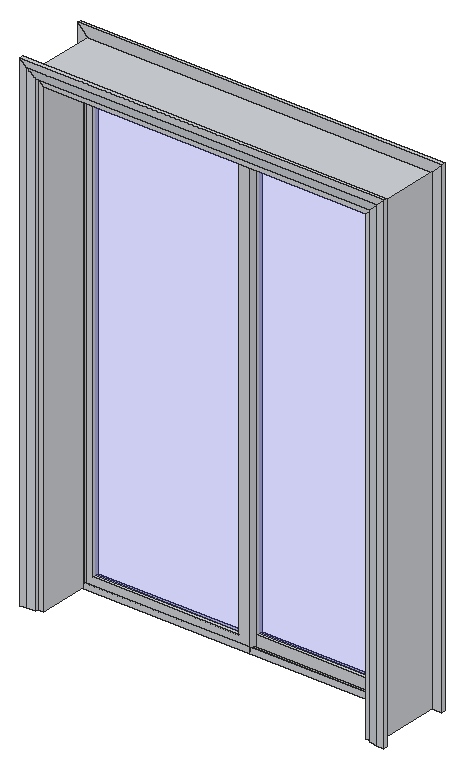
Revit family "双扇推拉门5", category 门, Revit 2018
Family settings
  主体 = 墙
  总是垂直 = 是
  加载时剪切的空心 = 否
  共享 = 否
  房间计算点 = 否
Parameters (values of type "1500 x 2100mm")
  Visual Light Transmittance = 0.9
  厚度 = 30 mm
  Solar Heat Gain Coefficient = 0.78
  Rough Width = 宽度  # 1500 mm
  Rough Height = 高度  # 2100 mm
  构造类型 ID = ""
  传热系数(U) = 3.6886 W/(m²·K)
  玻璃 = none
  功能 = 内部
  缝宽度 = 3 mm
  门嵌入 = 20 mm
  贴面宽度 = 65 mm
  贴面厚度 = 15 mm
  框架宽度 = 45 mm
  Assembly Code = ""
  带贴面 [instance] = yes
  框架材质 = none
  门嵌板框架材质 = none
  高度 = 2100 mm
  墙闭合 = 按主体
  宽度 = 1500 mm
  分析构造 = 1/8 英寸 Pilkington 单层玻璃
Types (4, lengths in mm): name | 宽度
  1500 x 2100mm | 1500
  1800 x 2100mm | 1800
  2100 x 2100mm | 2100
  2400 x 2100mm | 2400
Reference planes
  plane 1: y = 0
  plane 2 "中心 L/R": x = 0
  plane 3 "左": x = -750
  plane 4 "右": x = 750
  plane 5: z = 2100
  plane 6 "外部": y = 150
  plane 7 "内部": y = -150
  plane 8: x = -705
  plane 9 "容差": y = 97
  plane 10 "嵌板面 b": y = 130
  plane 11 "嵌板面 a": y = 100
  plane 12 "过梁左侧": x = -730
  plane 13: x = 705
  plane 14 "过梁右侧": x = 730
  plane 15 "框架左侧": x = -720
  plane 16 "框架右侧": x = 720
  plane 17: z = 2055
  plane 18: z = 2070
  plane 19: z = 2080
  plane 20: y = 67
  plane 21: y = 82
  plane 22: y = 115
  plane 23: y = 64
  plane 24: y = -165
  plane 25: y = 165
  plane 26: x = -795
  plane 27: y = 40
  plane 28: y = -40
  plane 29: x = -40
  plane 30: x = 40
  plane 31: y = -20
  plane 32: y = 20
  plane 33: z = 1050
  plane 34: x = 375
  plane 35: x = -375
Forms (mm)
  Sweep 1, solid, material <- "框架材质"
    path origin (0, -150, 0) x (1, 0, 0) y (0, 0, 1)
      loop
        line (-750, 0) -> (-750, 2100) -> (750, 2100) -> (750, 0)
    profile origin (0, -75, 1050) x (-1, 0, 0) y (0, -1, 0)
      loop
        line (750, -225) -> (750, 75) -> (705, 75) -> (705, -139) -> (720, -139) -> (720, -225) -> (750, -225)
  Sweep 2, solid, material <- "框架材质", visible <- "带贴面", detail levels fine
    path origin (0, -150, 0) x (1, 0, 0) y (0, 0, 1)
      loop
        line (-730, 0) -> (-730, 2080) -> (730, 2080) -> (730, 0)
    profile origin (0, -75, 1040) x (-1, 0, 0) y (0, -1, 0)
      loop
        line (730, 75) -> (795, 75) -> (795, 90) -> (765, 90) -> (730, 85) -> (730, 75)
  Sweep 3, solid, material <- "框架材质", visible <- "带贴面", detail levels fine
    path origin (0, 75, 0) x (1, 0, 0) y (0, 0, -1)
      loop
        line (-730, 0) -> (-730, -2080) -> (730, -2080) -> (730, 0)
    profile origin (0, 75, 1040) x (1, 0, 0) y (0, 1, 0)
      loop
        line (-730, 75) -> (-730, 85) -> (-765, 90) -> (-795, 90) -> (-795, 75) -> (-730, 75)
  Sweep 4, solid, material <- "门嵌板框架材质"
    path origin (0, 130, 0) x (-1, 0, 0) y (0, 0, 1)
      loop
        line (-720, 0) -> (720, 0) -> (720, 2070) -> (-720, 2070) -> (-720, 0)
    profile origin (0, 130, 0) x (0, 0, 1) y (0, 1, 0)
      loop
        line (0, -66) -> (25, -66) -> (25, -63) -> (5, -63) -> (5, -48) -> (20, -48) -> (20, -45.173) -> (5, -45.173) -> (5, -17.827) -> (20, -17.827) -> (20, -15) -> (0, -15) -> (0, -66)
  Extrusion 5, solid, material <- "门嵌板框架材质"
    sketch origin (-547.621, 115, 1000) x (-1, 0, 0) y (0, 0, 1)
      loop
        line (-1261.621, 1064) -> (-1261.621, -994) -> (-522.621, -994) -> (-522.621, 1064) -> (-1261.621, 1064)
      loop
        line (-1211.621, 1014) -> (-1211.621, -944) -> (-572.621, -944) -> (-572.621, 1014) -> (-1211.621, 1014)
    from 15 to -15
  Extrusion 6, solid, material <- "玻璃"
    sketch origin (-547.621, 115, 1000) x (-1, 0, 0) y (0, 0, 1)
      loop
        line (-1211.621, -944) -> (-572.621, -944) -> (-572.621, 1014) -> (-1211.621, 1014) -> (-1211.621, -944)
    from 3 to -3
  Extrusion 7, solid, material <- "门嵌板框架材质"
    sketch origin (-547.621, 82, 1000) x (-1, 0, 0) y (0, 0, 1)
      loop
        line (166.379, 1064) -> (-572.621, 1064) -> (-572.621, -994) -> (166.379, -994) -> (166.379, 1064)
      loop
        line (116.379, 1014) -> (-522.621, 1014) -> (-522.621, -944) -> (116.379, -944) -> (116.379, 1014)
    from 15 to -15
  Extrusion 8, solid, material <- "玻璃"
    sketch origin (-547.621, 82, 1000) x (-1, 0, 0) y (0, 0, 1)
      loop
        line (116.379, -944) -> (116.379, 1014) -> (-522.621, 1014) -> (-522.621, -944) -> (116.379, -944)
    from 3 to -3
Lines and regions (mm)
  Opening 1
    outline origin (-3050, -150, 0) x (1, 0, 0) y (0, 0, 1)
      loop
        line (2300, 0) -> (3800, 0) -> (3800, 2100) -> (2300, 2100) -> (2300, 0)
  Masking region 1
    outline origin (0, 0, 0) x (1, 0, 0) y (0, 1, 0)
      loop
        line (-40, 40) -> (-40, 0) -> (-750, 0) -> (-750, -40) -> (40, -40) -> (40, 0) -> (750, 0) -> (750, 40) -> (-40, 40)
  Masking region 2
    outline origin (0, 0, 0) x (0, 1, 0) y (0, 0, 1)
      loop
        line (-150, 2100) -> (-150, 0) -> (150, 0) -> (150, 2100) -> (-150, 2100)
  symbolic lines, style "平/剖面打开方向 - 实线"
    curve 1: line (-40, 40, 0) -> (750, 40, 0)
    curve 2: line (-40, 0, 0) -> (-40, 40, 0)
    curve 3: line (750, 0, 0) -> (-750, 0, 0)
    curve 4: line (750, 40, 0) -> (750, 0, 0)
    curve 5: line (-750, -40, 0) -> (-750, 0, 0)
    curve 6: line (40, -40, 0) -> (-750, -40, 0)
    curve 7: line (40, 0, 0) -> (40, -40, 0)
    curve 8: line (0, -150, 2100) -> (0, 150, 2100)
    curve 9: line (0, -150, 0) -> (0, -150, 2100)
    curve 10: line (0, 150, 0) -> (0, -150, 0)
    curve 11: line (0, 150, 2100) -> (0, 150, 0)
    curve 12: line (0, -20, 2100) -> (0, -20, 0)
    curve 13: line (0, 20, 0) -> (0, 20, 2100)
  symbolic lines, style "立面打开方向 - 实线"
    curve 14: line (525, 115, 1050) -> (225, 115, 1050)
    curve 15: line (225, 115, 1050) -> (318.969, 115, 1084.202)
    curve 16: line (225, 115, 1050) -> (318.969, 115, 1015.798)
    curve 17: line (-525, 115, 1050) -> (-225, 115, 1050)
    curve 18: line (-225, 115, 1050) -> (-318.969, 115, 1084.202)
    curve 19: line (-225, 115, 1050) -> (-318.969, 115, 1015.798)
  symbolic lines, style "InvisibleLines"
    curve 20: line (0, 115, 2070) -> (0, 115, 0)
Text (mm)
  text "Exterior" at (-2295.016, 1099.543, 0), in view "参照标高"
  text "Exterior" at (0, 1615.38, 2923.552), in view "左"
  text "Exterior" at (0, 1036.032, 3874.932), in view "右"
Dimensions and locks
  equal spacing: plane 3 "左", plane 2 "中心 L/R", plane 4 "右"
  "宽度": plane 3 "左" to plane 4 "右"
  "高度": plane 5 to host wall
  host wall to plane 5 = 2100 mm
  locked: plane 6 "外部" to host wall at 0
  locked: plane 7 "内部" to host wall
  "缝宽度": plane 11 "嵌板面 a" to plane 9 "容差"
  "厚度": plane 10 "嵌板面 b" to plane 11 "嵌板面 a"
  "门嵌入": plane 10 "嵌板面 b" to plane 6 "外部"
  locked: Sweep 2 sketch curve to plane 12 "过梁左侧" at 35
  locked: Sweep 3 sketch curve to plane 12 "过梁左侧" at 35
  "厚度": plane 20 to plane 9 "容差"
  equal spacing: plane 10 "嵌板面 b", plane 22, plane 11 "嵌板面 a"
  equal spacing: plane 20, plane 21, plane 9 "容差"
  locked: plane 23 to plane 20 at 3
  locked: Sweep 4 sketch curve to Sweep 4 sketch curve at 2.827  (x2)
  Extrusion 5 sketch curve to Extrusion 5 sketch curve to plane 18 = 50 mm locked, 6 mm locked
  level to Extrusion 5 sketch curve to Extrusion 5 sketch curve = 6 mm locked, 50 mm locked
  Extrusion 5 sketch curve to plane 2 "中心 L/R" to Extrusion 5 sketch curve = 25 mm locked, 25 mm locked
  plane 18 to Extrusion 7 sketch curve to Extrusion 7 sketch curve = 6 mm locked, 50 mm
  Extrusion 7 sketch curve to Extrusion 7 sketch curve to plane 15 "框架左侧" = 50 mm, 6 mm locked
  Extrusion 7 sketch curve to Extrusion 7 sketch curve to level = 50 mm, 6 mm
  Extrusion 7 sketch curve to plane 2 "中心 L/R" to Extrusion 7 sketch curve = 25 mm, 25 mm
  "框架宽度": plane 3 "左" to plane 8
  "框架宽度": plane 13 to plane 4 "右"
  "框架宽度": plane 17 to plane 5
  locked: plane 15 "框架左侧" to plane 8 at 15
  locked: plane 3 "左" to plane 12 "过梁左侧" at 20
  locked: plane 13 to plane 16 "框架右侧" at 15
  locked: plane 14 "过梁右侧" to plane 4 "右" at 20
  locked: plane 19 to plane 5 at 20
  locked: plane 17 to plane 18 at 15
  "贴面厚度": plane 6 "外部" to plane 25
  "贴面厚度": plane 7 "内部" to plane 24
  locked: Sweep 2 sketch curve to plane 7 "内部" at 10
  "贴面宽度": plane 26 to plane 12 "过梁左侧"
  locked: plane 6 "外部" to Sweep 3 sketch curve at 10
  plane 27 to plane 1 to plane 28 = 40 mm locked, 40 mm locked
  plane 29 to plane 2 "中心 L/R" to plane 30 = 40 mm locked, 40 mm locked
  plane 31 to plane 1 to plane 32 = 20 mm locked, 20 mm locked
  equal spacing: level, plane 33, plane 5
  curve 16 to plane 34 to curve 14 = 150 mm locked, 150 mm locked
  curve 17 to plane 35 to curve 19 = 150 mm locked, 150 mm locked
  locked: curve 16 to curve 15 at 100
  locked: curve 16 to curve 16 at 100
  locked: curve 19 to curve 18 at 100
  locked: curve 19 to curve 19 at 100
  Extrusion 5 sketch curve to Extrusion 5 sketch curve to plane 16 "框架右侧" = 50 mm locked, 6 mm locked
  equal spacing: plane 2 "中心 L/R", plane 34, plane 4 "右"
  equal spacing: plane 2 "中心 L/R", plane 35, plane 3 "左"
  locked: curve 15 to plane 33 (angle 20.00°)
  locked: plane 33 to curve 16 (angle 20.00°)
  locked: plane 33 to curve 18 (angle 20.00°)
  locked: curve 19 to plane 33 (angle 20.00°)
  aligned and locked: plane 3 "左" to Opening 1 sketch curve
  aligned and locked: plane 5 to Opening 1 sketch curve  (x2)
  aligned and locked: Opening 1 sketch curve to plane 4 "右"
  aligned and locked: Opening 1 sketch curve to level
  aligned and locked: plane 1 to host wall
  aligned and locked: plane 6 "外部" to Sweep 3 sketch curve
  aligned and locked: plane 6 "外部" to Sweep 1 sketch curve
  aligned and locked: Sweep 1 to Sweep 4 sketch curve  (x2)
  aligned and locked: Sweep 4 sketch curve to Sweep 1
  aligned and locked: Sweep 1 sketch curve to plane 23
  aligned and locked: plane 23 to Sweep 4 sketch curve
  aligned and locked: level to Sweep 4 sketch curve
  aligned and locked: Sweep 4 sketch curve to plane 20
  aligned and locked: Sweep 4 sketch curve to plane 21
  aligned and locked: Sweep 4 sketch curve to plane 22
  aligned and locked: Sweep 1 sketch curve to plane 5
  aligned and locked: Sweep 1 sketch curve to plane 4 "右"
  aligned and locked: plane 3 "左" to Sweep 1 sketch curve
  aligned and locked: Sweep 1 sketch curve to plane 7 "内部"
  aligned and locked: Sweep 1 sketch curve to plane 3 "左"
  aligned and locked: plane 15 "框架左侧" to Sweep 1 sketch curve
  aligned and locked: plane 8 to Sweep 1 sketch curve
  aligned and locked: plane 19 to Sweep 2 sketch curve
  aligned and locked: Sweep 2 sketch curve to plane 14 "过梁右侧"
  aligned and locked: Sweep 2 sketch curve to plane 12 "过梁左侧"  (x2)
  aligned and locked: plane 7 "内部" to Sweep 2 sketch curve
  aligned and locked: plane 24 to Sweep 2 sketch curve
  aligned and locked: Sweep 2 sketch curve to plane 26
  aligned and locked: plane 19 to Sweep 3 sketch curve
  aligned and locked: Sweep 3 sketch curve to plane 14 "过梁右侧"
  aligned and locked: Sweep 3 sketch curve to plane 12 "过梁左侧"
  aligned and locked: Sweep 3 sketch curve to plane 25
  aligned and locked: plane 26 to Sweep 3 sketch curve
  aligned and locked: plane 12 "过梁左侧" to Sweep 3 sketch curve
  aligned and locked: Sweep 4 sketch curve to plane 16 "框架右侧"
  aligned and locked: plane 15 "框架左侧" to Sweep 4 sketch curve
  aligned and locked: Extrusion 7 to plane 9 "容差"
  aligned and locked: Extrusion 7 to plane 20
  aligned and locked: Extrusion 5 to plane 10 "嵌板面 b"
  aligned and locked: Extrusion 5 to plane 11 "嵌板面 a"
  aligned and locked: Extrusion 6 sketch curve to Extrusion 5  (x3)
  aligned and locked: Extrusion 6 sketch curve to Extrusion 7
  aligned and locked: Extrusion 8 sketch curve to Extrusion 7  (x3)
  aligned and locked: Extrusion 5 to Extrusion 8 sketch curve
  aligned and locked: Masking region 1 sketch curve to plane 27
  aligned and locked: plane 29 to Masking region 1 sketch curve
  aligned and locked: Masking region 1 sketch curve to plane 1
  aligned and locked: plane 4 "右" to Masking region 1 sketch curve
  aligned and locked: plane 1 to Masking region 1 sketch curve
  aligned and locked: Masking region 1 sketch curve to plane 3 "左"
  aligned and locked: plane 28 to Masking region 1 sketch curve
  aligned and locked: Masking region 1 sketch curve to plane 30
  aligned and locked: curve 1 to plane 27
  aligned and locked: plane 29 to curve 2
  aligned and locked: curve 3 to plane 1
  aligned and locked: plane 4 "右" to curve 4
  aligned and locked: curve 5 to plane 3 "左"
  aligned and locked: plane 28 to curve 6
  aligned and locked: curve 7 to plane 30
  aligned and locked: plane 5 to Masking region 2 sketch curve
  aligned and locked: Masking region 2 sketch curve to plane 7 "内部"
  aligned and locked: level to Masking region 2 sketch curve
  aligned and locked: plane 6 "外部" to Masking region 2 sketch curve
  aligned and locked: plane 5 to curve 8
  aligned and locked: curve 9 to plane 7 "内部"
  aligned and locked: level to curve 10
  aligned and locked: plane 6 "外部" to curve 11
  aligned and locked: curve 12 to plane 31
  aligned and locked: curve 13 to plane 32
  aligned and locked: curve 14 to plane 33
  aligned and locked: plane 33 to curve 17
  aligned and locked: plane 33 to curve 15
  aligned and locked: plane 33 to curve 19
  aligned and locked: plane 2 "中心 L/R" to curve 20
Automatic sketch dimensions
  Sweep 1 sketch curve to level = 0 mm  (x2)
  Sweep 2 sketch curve to level = 0 mm  (x2)
  Sweep 3 sketch curve to level = 0 mm  (x2)
  Sweep 4 sketch curve to profile plane = 5 mm
  Sweep 4 sketch curve to Sweep 4 sketch curve = 0 mm
  Sweep 4 sketch curve to Sweep 4 sketch curve = 15 mm  (x2)
  Sweep 4 sketch curve to Sweep 4 sketch curve = 5 mm
  curve 20 to level = 0 mm
  curve 20 to plane 18 = 0 mm
